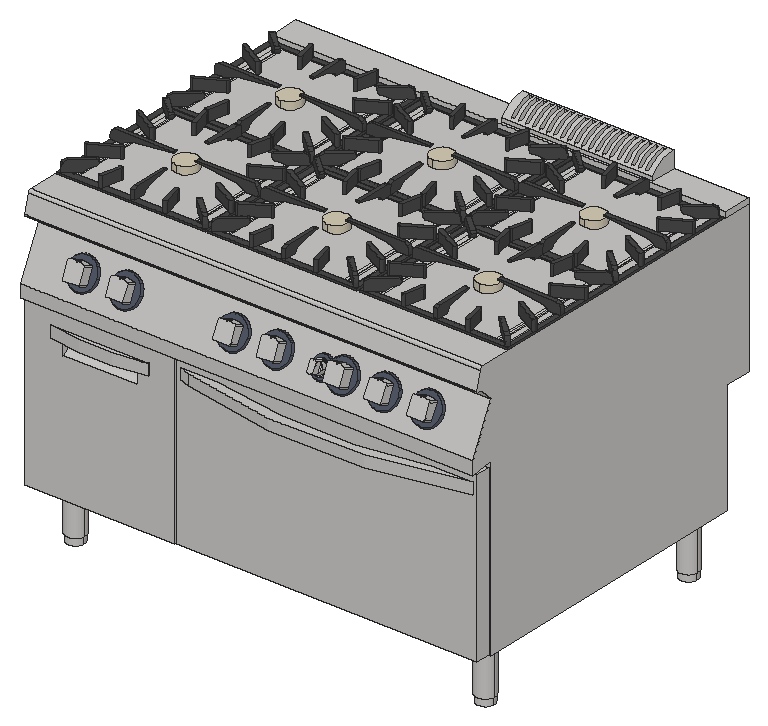
Revit family "QF_ZANUSSI_392013_Z9GCGL6S10", category Specialty Equipment, Revit 2018
Family settings
  Round Connector Dimension = Use Diameter
  Part Type = Normal
  Work Plane-Based = No
  Always vertical = Yes
  Cut with Voids When Loaded = No
  Shared = No
  Room Calculation Point = No
Parameters
  Width = 1200 mm  # constant formula
  Weight in Pounds = 203  # constant formula
  Weight = 0.00 kg
  Watts = 0 W
  Volts = 0 V
  URL Manufacturer = "http://www.zanussiprofessional.com"
  URL Cutsheet = "www.electrolux.com"
  URL = "http://www.zanussiprofessional.com"
  Type Mark [instance] = ""
  Steam Supply Size = 0"
  Steam Supply Minimum Pressure = 0.00 psi
  Steam Supply Maximum Pressure = 0.00 psi
  Steam Pounds per Hour = 0
  Status [instance] = ""
  Specification by User [instance] = ""
  Specification by Manufacturer = ""
  Show Logo [instance] = yes
  Show Clearance [instance] = yes
  Serial Number = ""
  Seismic Rating = ""
  SMACNA No = ""
  Revision Code [instance] = ""
  Refrigeration Suction Line Size = 0"
  Refrigeration Liquid Line Size = 0"
  Refrigerant Compressor Remote = yes
  Phase = 0
  Omniclass Number and Title = ""
  NAFEM Spec ID Number = ""
  Model = "Z9GCGL6S10"
  Mechanical Remarks [instance] = ""
  Mechanical Connection Type [instance] = ""
  Masterspec = ""
  Manufacturer = "Zanussi"
  Length Actual = 1200 mm  # constant formula
  Item Number [instance] = "392013"
  Installed By [instance] = ""
  Identify Quantity as Lot [instance] = yes
  Hot Water Size = 0"
  Height Actual = 850 mm  # constant formula
  Height = 908 mm  # constant formula
  HP = "0 HP"
  Gas Size = 1/2"  # constant formula
  Gas RI Height [instance] = 0 mm
  Gas KW [instance] = 52.5  # constant formula
  Gas Input [instance] = 1.36309 Btu/h
  Gas Connection Height = 0 mm
  Furnished By [instance] = ""
  Foodservice Equipment Identifier [instance] = yes
  Direct Waste Size = 0"
  Description = "6-BURNER GAS RANGE+OVEN+CUPBOARD 1200 MM"
  Depth Actual = 900 mm  # constant formula
  Depth = 915 mm  # constant formula
  Cycle = 0 Hz
  Condensate Return Size = 0"
  Compressed Air Volume = 0 GPM
  Compressed Air Size = 0"
  Compressed Air Pressure = 0.00 psi
  Cold Water Size = 0"
  CSI MasterFormat = ""
  CSI Master Format = ""
  Assembly Code = ""
  Accessory = yes
Reference planes
  plane 1 "BACK": y = 0
  plane 2: z = 0
  plane 3 "LEFT": x = 0
  plane 4 "RIGHT": x = 1200
  plane 5 "FRONT": y = -700
  plane 6 "TOP": z = 908
  plane 7 "Center Y": x = 600
  plane 8 "Center X": y = -350
  plane 9 "Base": z = 150
  plane 10: z = 850
  plane 11: y = -915
  plane 12: y = -1109
  plane 13: y = -128
  plane 14: y = -802
  plane 15: y = -1309
  plane 16: y = -665
  plane 17: x = 177.499
Forms (mm)
  Extrusion 1, solid, material "QF_Finishes_Stainless Steel"
    sketch origin (0, 0, 0) x (0, 1, 0) y (0, 0, 1)
      loop
        line (0, 850) -> (-879.358, 850)
        arc (-879.358, 850) -> (-884.643, 847.811) -> (-886.833, 842.526) r 7.474
        line (-886.833, 842.526) -> (-899.884, 797.011)
        arc (-899.884, 797.011) -> (-899.396, 794.379) -> (-897, 793.184) r 3
        line (-897, 793.184) -> (-886.802, 793.184) -> (-854.982, 761.364) -> (-915, 640.508) -> (-915, 605.508) -> (-858.645, 613.428)
        arc (-858.645, 613.428) -> (-856.101, 612.674) -> (-855, 610.259) r 3.2
        line (-855, 610.259) -> (-855, 150) -> (-71, 150) -> (-71, 450) -> (0, 450) -> (0, 850)
      loop
        line (-900, 600) -> (-900, 155) -> (-860, 155) -> (-860, 600) -> (-900, 600)
    from 0 to 1200
  Extrusion 2, solid, material "QF_Finishes_Stainless Steel"
    sketch origin (0, 0, 0) x (0, -1, 0) y (0, 0, 1)
      loop
        line (0, 850) -> (76.2, 850) -> (76.2, 864.288) -> (0, 864.288) -> (0, 850)
    from 0 to -1200
  Extrusion 3, solid, material "QF_Finishes_Stainless Steel"
    sketch origin (0, -852.222, 150) x (1, 0, 0) y (0, -1, 0)
      loop
        circle (1149, -187.222) r 6.4
    from 0 to 21
  Extrusion 4, solid, material "QF_Clearances", visible <- "Show Clearance", detail levels coarse
    sketch origin (0, -200, 0) x (1, 0, 0) y (0, 1, 0)
      loop
        line (-100, -715) -> (0, -715) -> (0, 200) -> (1200, 200) -> (1200, -715) -> (1300, -715) -> (1300, 300) -> (-100, 300) -> (-100, -715)
    from 0 to 908.85
  Extrusion 5, solid, material "QF_Finishes_Stainless Steel"
    sketch origin (202.4, -200, 590.5) x (0, 1, 0) y (0, 0, 1)
      loop
        line (200, 273.788) -> (200, 317.5)
        arc (200, 317.5) -> (160.928, 308.879) -> (130.15, 283.313) r 84.854
        line (130.15, 283.313) -> (130.15, 273.788) -> (200, 273.788)
    from 400 to 800
  Revolve 6, solid, material "QF_Finishes_Stainless Steel"
    sketch origin (1, -128, 0) x (1, 0, 0) y (0, 0, 1)
      loop
        line (55, 0) -> (55, 150) -> (29.6, 150) -> (29.6, 19.05) -> (32.1, 19.05) -> (32.1, 0) -> (55, 0)
      axis (55, 0) -> (55, 150)
    angle from 0 to 360
  Revolve 7, solid, material "QF_Finishes_Stainless Steel"
    sketch origin (799, -128, 0) x (-1, 0, 0) y (0, 0, -1)
      loop
        line (-345, 0) -> (-367.9, 0) -> (-367.9, -19.05) -> (-370.4, -19.05) -> (-370.4, -150) -> (-345, -150) -> (-345, 0)
      axis (-345, 0) -> (-345, -150)
    angle from 0 to 360
  Revolve 8, solid, material "QF_Finishes_Stainless Steel"
    sketch origin (1, -802, 0) x (1, 0, 0) y (0, 0, 1)
      loop
        line (55, 0) -> (55, 150) -> (29.6, 150) -> (29.6, 19.05) -> (32.1, 19.05) -> (32.1, 0) -> (55, 0)
      axis (55, 0) -> (55, 150)
    angle from 0 to 360
  Revolve 9, solid, material "QF_Finishes_Stainless Steel"
    sketch origin (799, -802, 0) x (-1, 0, 0) y (0, 0, -1)
      loop
        line (-345, 0) -> (-367.9, 0) -> (-367.9, -19.05) -> (-370.4, -19.05) -> (-370.4, -150) -> (-345, -150) -> (-345, 0)
      axis (-345, 0) -> (-345, -150)
    angle from 0 to 360
  Extrusion 10, solid, material "QF_Finishes_Stainless Steel"
    sketch origin (0, -852.222, 150) x (1, 0, 0) y (0, -1, 0)
      loop
        circle (1157, -276.222) r 12.7
    from 0 to 5
  Extrusion 11, void
    sketch origin (-62.611, 0, 865.138) x (-1, 0, 0) y (0, -1, 0)
      loop
        line (-695.005, 6.761) -> (-685.709, 6.761) -> (-685.709, 63.911) -> (-695.005, 63.911) -> (-695.005, 6.761)
      loop
        line (-713.697, 6.761) -> (-704.401, 6.761) -> (-704.401, 63.911) -> (-713.697, 63.911) -> (-713.697, 6.761)
      loop
        line (-732.39, 6.761) -> (-723.094, 6.761) -> (-723.094, 63.911) -> (-732.39, 63.911) -> (-732.39, 6.761)
      loop
        line (-751.082, 6.761) -> (-741.787, 6.761) -> (-741.787, 63.911) -> (-751.082, 63.911) -> (-751.082, 6.761)
      loop
        line (-769.775, 6.761) -> (-760.479, 6.761) -> (-760.479, 63.911) -> (-769.775, 63.911) -> (-769.775, 6.761)
      loop
        line (-788.468, 6.761) -> (-779.172, 6.761) -> (-779.172, 63.911) -> (-788.468, 63.911) -> (-788.468, 6.761)
      loop
        line (-807.16, 6.761) -> (-797.864, 6.761) -> (-797.864, 63.911) -> (-807.16, 63.911) -> (-807.16, 6.761)
      loop
        line (-825.853, 6.761) -> (-816.557, 6.761) -> (-816.557, 63.911) -> (-825.853, 63.911) -> (-825.853, 6.761)
      loop
        line (-844.545, 6.761) -> (-835.25, 6.761) -> (-835.25, 63.911) -> (-844.545, 63.911) -> (-844.545, 6.761)
      loop
        line (-863.238, 6.761) -> (-853.942, 6.761) -> (-853.942, 63.911) -> (-863.238, 63.911) -> (-863.238, 6.761)
      loop
        line (-881.931, 6.761) -> (-872.635, 6.761) -> (-872.635, 63.911) -> (-881.931, 63.911) -> (-881.931, 6.761)
      loop
        line (-900.623, 6.761) -> (-891.328, 6.761) -> (-891.328, 63.911) -> (-900.623, 63.911) -> (-900.623, 6.761)
      loop
        line (-919.316, 6.761) -> (-910.02, 6.761) -> (-910.02, 63.911) -> (-919.316, 63.911) -> (-919.316, 6.761)
      loop
        line (-938.008, 6.761) -> (-928.713, 6.761) -> (-928.713, 63.911) -> (-938.008, 63.911) -> (-938.008, 6.761)
      loop
        line (-956.701, 6.761) -> (-947.405, 6.761) -> (-947.405, 63.911) -> (-956.701, 63.911) -> (-956.701, 6.761)
      loop
        line (-975.394, 6.761) -> (-966.098, 6.761) -> (-966.098, 63.911) -> (-975.394, 63.911) -> (-975.394, 6.761)
      loop
        line (-994.086, 6.761) -> (-984.791, 6.761) -> (-984.791, 63.911) -> (-994.086, 63.911) -> (-994.086, 6.761)
      loop
        line (-1012.779, 6.761) -> (-1003.483, 6.761) -> (-1003.483, 63.911) -> (-1012.779, 63.911) -> (-1012.779, 6.761)
      loop
        line (-1031.472, 6.761) -> (-1022.176, 6.761) -> (-1022.176, 63.911) -> (-1031.472, 63.911) -> (-1031.472, 6.761)
      loop
        line (-1050.164, 6.761) -> (-1040.868, 6.761) -> (-1040.868, 63.911) -> (-1050.164, 63.911) -> (-1050.164, 6.761)
    from 9.525 to 45.348
  Extrusion 12, void
    sketch origin (0, -700, 0) x (1, 0, 0) y (0, 0, 1)
      loop
        line (397.5, 155) -> (402.5, 155) -> (402.5, 600) -> (397.5, 600) -> (397.5, 155)
    from 160 to 200
  Extrusion 13, solid, material "QF_Finishes_Door Clearance", visible <- "Show Clearance", detail levels coarse
    sketch origin (400, -200, 0) x (0, 1, 0) y (0, 0, 1)
      loop
        arc (-700, 600) -> (-991.621, 457.58) -> (-1108.972, 155) r 445
        line (-1108.972, 155) -> (-700, 155) -> (-700, 600)
    from 2.5 to 800
  Extrusion 14, solid, material "QF_Finishes_Stainless Steel"
    sketch origin (400, -200, 150) x (-1, 0, 0) y (0, -1, 0)
      loop
        line (-790, 700) -> (-696.395, 700)
        arc (-696.395, 700) -> (-400, 735) -> (-103.605, 700) r 1272.5
        line (-103.605, 700) -> (-10, 700)
        arc (-10, 700) -> (-27.217, 705.295) -> (-44.506, 710.35) r 1297.5
        arc (-44.506, 710.35) -> (-418.013, 759.875) -> (-790, 700) r 1297.5
    from 400 to 430
  Extrusion 15, solid, material "QF_Finishes_Stainless Steel"
    sketch origin (-77.88, -4772, 130) x (-1, 0, 0) y (0, -1, 0)
      loop
        arc (-147.606, -3871.085) -> (-277.88, -3857) -> (-408.153, -3871.085) r 609.497
        line (-408.153, -3871.085) -> (-408.153, -3872) -> (-147.606, -3872) -> (-147.606, -3871.085)
    from 400 to 430
  Extrusion 16, void
    sketch origin (200, -227.863, -20) x (0, 1, 0) y (0, 0, 1)
      loop
        line (-672.137, 567) -> (-672.137, 517)
        arc (-672.137, 517) -> (-656.47, 524.721) -> (-650.137, 541) r 24.091
        line (-650.137, 541) -> (-650.137, 567) -> (-672.137, 567)
    from -100 to 100
  Extrusion 17, solid, material "QF_Finishes_Door Clearance", visible <- "Show Clearance", detail levels coarse
    sketch origin (400, -200, 850) x (1, 0, 0) y (0, 1, 0)
      loop
        line (-1.277, -672.137) -> (-400, -672.137) -> (-400, -1072.129)
        arc (-400, -1072.129) -> (-117.984, -954.526) -> (-1.277, -672.137) r 399.994
    from -695 to -250
  Blend 18, solid, material "QF_Finishes_Navy Blue"
    base sketch origin (832.5, -884.991, 700.936) x (1, 0, 0) y (0, 0.446333, 0.894867)
      loop
        arc (-35.05, -24.037) -> (42.5, 0) -> (-35.05, 24.037) r 42.5
        arc (-35.05, 24.037) -> (-83, 0) -> (-35.05, -24.037) r 30
    top sketch origin (832.5, -884.991, 700.936) x (1, 0, 0) y (0, 0.446333, 0.894867)
      loop
        arc (-34.578, -21.086) -> (40.5, 0) -> (-34.578, 21.086) r 40.5
        arc (-34.578, 21.086) -> (-81, 0) -> (-34.578, -21.086) r 28
    from 0 to 5
  Extrusion 19, solid, material "QF_Finishes_Stainless Steel"
    sketch origin (600, -884.991, 700.936) x (1, 0, 0) y (0, 0.446333, 0.894867)
      loop
        circle (177.499, -0.341) r 20
    from 5 to 10
  Extrusion 20, void
    sketch origin (832.5, -884.991, 700.936) x (1, 0, 0) y (0, -0.894867, 0.446333)
      loop
        line (-62.999, 24.837) -> (-62.999, 40) -> (-71.893, 40) -> (-71.893, 22) -> (-65.835, 22)
        arc (-65.835, 22) -> (-63.827, 22.828) -> (-62.999, 24.837) r 2.827
      loop
        arc (-47.003, 24.837) -> (-46.175, 22.828) -> (-44.167, 22) r 2.827
        line (-44.167, 22) -> (-38.109, 22) -> (-38.109, 40) -> (-47.003, 40) -> (-47.003, 24.837)
    from -20.019 to 20.019
  Extrusion 21, solid, material "QF_Finishes_Stainless Steel"
    sketch origin (600, -884.991, 700.936) x (1, 0, 0) y (0, 0.446333, 0.894867)
      loop
        arc (211.353, 22.789) -> (210.006, 21.685) -> (209.5, 20.019) r 2.997
        line (209.5, 20.019) -> (209.5, -20.019)
        arc (209.5, -20.019) -> (210.378, -22.138) -> (212.497, -23.016) r 2.997
        line (212.497, -23.016) -> (252.503, -23.016)
        arc (252.503, -23.016) -> (254.622, -22.138) -> (255.5, -20.019) r 2.997
        line (255.5, -20.019) -> (255.5, 20.019)
        arc (255.5, 20.019) -> (254.994, 21.685) -> (253.647, 22.789) r 2.997
        arc (253.647, 22.789) -> (232.5, 26.984) -> (211.353, 22.789) r 55.4
    from 5 to 34
  Blend 22, solid, material "QF_Finishes_Navy Blue"
    base sketch origin (942.5, -884.991, 700.936) x (1, 0, 0) y (0, 0.446333, 0.894867)
      loop
        circle (0, 0) r 42.5
    top sketch origin (942.5, -884.991, 700.936) x (1, 0, 0) y (0, 0.446333, 0.894867)
      loop
        circle (0, 0) r 40.5
    from 0 to 5
  Extrusion 23, solid, material "QF_Finishes_Stainless Steel"
    sketch origin (942.5, -884.991, 700.936) x (1, 0, 0) y (0, 0.446333, 0.894867)
      loop
        arc (-21.147, 22.789) -> (-22.494, 21.685) -> (-23, 20.019) r 2.997
        line (-23, 20.019) -> (-23, -20.019)
        arc (-23, -20.019) -> (-22.122, -22.138) -> (-20.003, -23.016) r 2.997
        line (-20.003, -23.016) -> (20.003, -23.016)
        arc (20.003, -23.016) -> (22.122, -22.138) -> (23, -20.019) r 2.997
        line (23, -20.019) -> (23, 20.019)
        arc (23, 20.019) -> (22.494, 21.685) -> (21.147, 22.789) r 2.997
        arc (21.147, 22.789) -> (0, 26.984) -> (-21.147, 22.789) r 55.4
    from 10 to 34
  Extrusion 24, solid, material "QF_Plastic-Black-Matte"
    sketch origin (1000, -884.991, 700.936) x (0, 0.446333, 0.894867) y (0, -0.894867, 0.446333)
      loop
        line (26.984, 34) -> (26.984, 19) -> (27.984, 19) -> (27.984, 34)
        arc (27.984, 34) -> (27.691, 34.707) -> (26.984, 35) r 1
        line (26.984, 35) -> (23.984, 35) -> (23.984, 34) -> (26.984, 34)
    from -58.5 to -56.5
  Extrusion 25, solid, material "QF_Finishes_Stainless Steel"
    sketch origin (942.5, -884.991, 700.936) x (1, 0, 0) y (0, 0.446333, 0.894867)
      loop
        line (17.5, 17.5) -> (-17.5, 17.5) -> (-17.5, -17.5) -> (17.5, -17.5) -> (17.5, 17.5)
    from 5 to 10
  Extrusion 26, solid, material "QF_Plastic-Black-Matte"
    sketch origin (1000, -884.991, 700.936) x (0, 0.446333, 0.894867) y (0, 0.894867, -0.446333)
      loop
        line (26.984, -34) -> (23.984, -34) -> (23.984, -35) -> (26.984, -35)
        arc (26.984, -35) -> (27.691, -34.707) -> (27.984, -34) r 1
        line (27.984, -34) -> (27.984, -19) -> (26.984, -19) -> (26.984, -34)
    from -58.5 to -56.5
  Extrusion 27, solid, material "QF_Finishes_Stainless Steel"
    sketch origin (1057.5, -884.991, 700.936) x (-1, 0, 0) y (0, -0.446333, -0.894867)
      loop
        line (17.5, -17.5) -> (17.5, 17.5) -> (-17.5, 17.5) -> (-17.5, -17.5) -> (17.5, -17.5)
    from 5 to 10
  Blend 28, solid, material "QF_Finishes_Navy Blue"
    base sketch origin (1057.5, -884.991, 700.936) x (1, 0, 0) y (0, 0.446333, 0.894867)
      loop
        circle (0, 0) r 42.5
    top sketch origin (1057.5, -884.991, 700.936) x (1, 0, 0) y (0, 0.446333, 0.894867)
      loop
        circle (0, 0) r 40.5
    from 0 to 5
  Extrusion 29, solid, material "QF_Finishes_Stainless Steel"
    sketch origin (1057.5, -884.991, 700.936) x (-1, 0, 0) y (0, -0.446333, -0.894867)
      loop
        arc (-21.147, -22.789) -> (0, -26.984) -> (21.147, -22.789) r 55.4
        arc (21.147, -22.789) -> (22.494, -21.685) -> (23, -20.019) r 2.997
        line (23, -20.019) -> (23, 20.019)
        arc (23, 20.019) -> (22.122, 22.138) -> (20.003, 23.016) r 2.997
        line (20.003, 23.016) -> (-20.003, 23.016)
        arc (-20.003, 23.016) -> (-22.122, 22.138) -> (-23, 20.019) r 2.997
        line (-23, 20.019) -> (-23, -20.019)
        arc (-23, -20.019) -> (-22.494, -21.685) -> (-21.147, -22.789) r 2.997
    from 10 to 34
  Extrusion 30, solid, material "QF_Finishes_Stainless Steel"
    sketch origin (600, -884.991, 700.936) x (1, 0, 0) y (0, 0.446333, 0.894867)
      loop
        circle (177.499, -0.341) r 16
    from 10 to 40
  Extrusion 31, solid, material "QF_Plastic-Black-Matte"
    sketch origin (890, -884.991, 700.936) x (0, 0.446333, 0.894867) y (0, -0.894867, 0.446333)
      loop
        line (26.984, 34) -> (26.984, 19) -> (27.984, 19) -> (27.984, 34)
        arc (27.984, 34) -> (27.691, 34.707) -> (26.984, 35) r 1
        line (26.984, 35) -> (23.984, 35) -> (23.984, 34) -> (26.984, 34)
    from -58.5 to -56.5
  Blend 32, solid, material "QF_Finishes_Navy Blue"
    base sketch origin (142.5, -884.991, 700.936) x (1, 0, 0) y (0, 0.446333, 0.894867)
      loop
        circle (0, 0) r 42.5
    top sketch origin (142.5, -884.991, 700.936) x (1, 0, 0) y (0, 0.446333, 0.894867)
      loop
        circle (0, 0) r 40.5
    from 0 to 5
  Extrusion 33, solid, material "QF_Finishes_Stainless Steel"
    sketch origin (142.5, -884.991, 700.936) x (1, 0, 0) y (0, 0.446333, 0.894867)
      loop
        arc (-21.147, 22.789) -> (-22.494, 21.685) -> (-23, 20.019) r 2.997
        line (-23, 20.019) -> (-23, -20.019)
        arc (-23, -20.019) -> (-22.122, -22.138) -> (-20.003, -23.016) r 2.997
        line (-20.003, -23.016) -> (20.003, -23.016)
        arc (20.003, -23.016) -> (22.122, -22.138) -> (23, -20.019) r 2.997
        line (23, -20.019) -> (23, 20.019)
        arc (23, 20.019) -> (22.494, 21.685) -> (21.147, 22.789) r 2.997
        arc (21.147, 22.789) -> (0, 26.984) -> (-21.147, 22.789) r 55.4
    from 10 to 34
  Extrusion 34, solid, material "QF_Plastic-Black-Matte"
    sketch origin (200, -884.991, 700.936) x (0, 0.446333, 0.894867) y (0, -0.894867, 0.446333)
      loop
        line (26.984, 34) -> (26.984, 19) -> (27.984, 19) -> (27.984, 34)
        arc (27.984, 34) -> (27.691, 34.707) -> (26.984, 35) r 1
        line (26.984, 35) -> (23.984, 35) -> (23.984, 34) -> (26.984, 34)
    from -58.5 to -56.5
  Extrusion 35, solid, material "QF_Finishes_Stainless Steel"
    sketch origin (142.5, -884.991, 700.936) x (1, 0, 0) y (0, 0.446333, 0.894867)
      loop
        line (17.5, 17.5) -> (-17.5, 17.5) -> (-17.5, -17.5) -> (17.5, -17.5) -> (17.5, 17.5)
    from 5 to 10
  Extrusion 36, solid, material "QF_Plastic-Black-Matte"
    sketch origin (200, -884.991, 700.936) x (0, 0.446333, 0.894867) y (0, 0.894867, -0.446333)
      loop
        line (26.984, -34) -> (23.984, -34) -> (23.984, -35) -> (26.984, -35)
        arc (26.984, -35) -> (27.691, -34.707) -> (27.984, -34) r 1
        line (27.984, -34) -> (27.984, -19) -> (26.984, -19) -> (26.984, -34)
    from -58.5 to -56.5
  Extrusion 37, solid, material "QF_Finishes_Stainless Steel"
    sketch origin (257.5, -884.991, 700.936) x (-1, 0, 0) y (0, -0.446333, -0.894867)
      loop
        line (17.5, -17.5) -> (17.5, 17.5) -> (-17.5, 17.5) -> (-17.5, -17.5) -> (17.5, -17.5)
    from 5 to 10
  Blend 38, solid, material "QF_Finishes_Navy Blue"
    base sketch origin (257.5, -884.991, 700.936) x (1, 0, 0) y (0, 0.446333, 0.894867)
      loop
        circle (0, 0) r 42.5
    top sketch origin (257.5, -884.991, 700.936) x (1, 0, 0) y (0, 0.446333, 0.894867)
      loop
        circle (0, 0) r 40.5
    from 0 to 5
  Extrusion 39, solid, material "QF_Finishes_Stainless Steel"
    sketch origin (257.5, -884.991, 700.936) x (-1, 0, 0) y (0, -0.446333, -0.894867)
      loop
        arc (-21.147, -22.789) -> (0, -26.984) -> (21.147, -22.789) r 55.4
        arc (21.147, -22.789) -> (22.494, -21.685) -> (23, -20.019) r 2.997
        line (23, -20.019) -> (23, 20.019)
        arc (23, 20.019) -> (22.122, 22.138) -> (20.003, 23.016) r 2.997
        line (20.003, 23.016) -> (-20.003, 23.016)
        arc (-20.003, 23.016) -> (-22.122, 22.138) -> (-23, 20.019) r 2.997
        line (-23, 20.019) -> (-23, -20.019)
        arc (-23, -20.019) -> (-22.494, -21.685) -> (-21.147, -22.789) r 2.997
    from 10 to 34
  Blend 40, solid, material "QF_Finishes_Navy Blue"
    base sketch origin (542.5, -884.991, 700.936) x (1, 0, 0) y (0, 0.446333, 0.894867)
      loop
        circle (0, 0) r 42.5
    top sketch origin (542.5, -884.991, 700.936) x (1, 0, 0) y (0, 0.446333, 0.894867)
      loop
        circle (0, 0) r 40.5
    from 0 to 5
  Extrusion 41, solid, material "QF_Finishes_Stainless Steel"
    sketch origin (542.5, -884.991, 700.936) x (1, 0, 0) y (0, 0.446333, 0.894867)
      loop
        arc (-21.147, 22.789) -> (-22.494, 21.685) -> (-23, 20.019) r 2.997
        line (-23, 20.019) -> (-23, -20.019)
        arc (-23, -20.019) -> (-22.122, -22.138) -> (-20.003, -23.016) r 2.997
        line (-20.003, -23.016) -> (20.003, -23.016)
        arc (20.003, -23.016) -> (22.122, -22.138) -> (23, -20.019) r 2.997
        line (23, -20.019) -> (23, 20.019)
        arc (23, 20.019) -> (22.494, 21.685) -> (21.147, 22.789) r 2.997
        arc (21.147, 22.789) -> (0, 26.984) -> (-21.147, 22.789) r 55.4
    from 10 to 34
  Extrusion 42, solid, material "QF_Plastic-Black-Matte"
    sketch origin (600, -884.991, 700.936) x (0, 0.446333, 0.894867) y (0, -0.894867, 0.446333)
      loop
        line (26.984, 34) -> (26.984, 19) -> (27.984, 19) -> (27.984, 34)
        arc (27.984, 34) -> (27.691, 34.707) -> (26.984, 35) r 1
        line (26.984, 35) -> (23.984, 35) -> (23.984, 34) -> (26.984, 34)
    from -58.5 to -56.5
  Extrusion 43, solid, material "QF_Finishes_Stainless Steel"
    sketch origin (542.5, -884.991, 700.936) x (1, 0, 0) y (0, 0.446333, 0.894867)
      loop
        line (17.5, 17.5) -> (-17.5, 17.5) -> (-17.5, -17.5) -> (17.5, -17.5) -> (17.5, 17.5)
    from 5 to 10
  Extrusion 44, solid, material "QF_Plastic-Black-Matte"
    sketch origin (600, -884.991, 700.936) x (0, 0.446333, 0.894867) y (0, 0.894867, -0.446333)
      loop
        line (26.984, -34) -> (23.984, -34) -> (23.984, -35) -> (26.984, -35)
        arc (26.984, -35) -> (27.691, -34.707) -> (27.984, -34) r 1
        line (27.984, -34) -> (27.984, -19) -> (26.984, -19) -> (26.984, -34)
    from -58.5 to -56.5
  Extrusion 45, solid, material "QF_Finishes_Stainless Steel"
    sketch origin (657.5, -884.991, 700.936) x (-1, 0, 0) y (0, -0.446333, -0.894867)
      loop
        line (17.5, -17.5) -> (17.5, 17.5) -> (-17.5, 17.5) -> (-17.5, -17.5) -> (17.5, -17.5)
    from 5 to 10
  Blend 46, solid, material "QF_Finishes_Navy Blue"
    base sketch origin (657.5, -884.991, 700.936) x (1, 0, 0) y (0, 0.446333, 0.894867)
      loop
        circle (0, 0) r 42.5
    top sketch origin (657.5, -884.991, 700.936) x (1, 0, 0) y (0, 0.446333, 0.894867)
      loop
        circle (0, 0) r 40.5
    from 0 to 5
  Extrusion 47, solid, material "QF_Finishes_Stainless Steel"
    sketch origin (657.5, -884.991, 700.936) x (-1, 0, 0) y (0, -0.446333, -0.894867)
      loop
        arc (-21.147, -22.789) -> (0, -26.984) -> (21.147, -22.789) r 55.4
        arc (21.147, -22.789) -> (22.494, -21.685) -> (23, -20.019) r 2.997
        line (23, -20.019) -> (23, 20.019)
        arc (23, 20.019) -> (22.122, 22.138) -> (20.003, 23.016) r 2.997
        line (20.003, 23.016) -> (-20.003, 23.016)
        arc (-20.003, 23.016) -> (-22.122, 22.138) -> (-23, 20.019) r 2.997
        line (-23, 20.019) -> (-23, -20.019)
        arc (-23, -20.019) -> (-22.494, -21.685) -> (-21.147, -22.789) r 2.997
    from 10 to 34
Cuts and joins
  Extrusion 11 cuts Extrusion 5
  Extrusion 12, Extrusion 16 cuts Extrusion 1
  Extrusion 20 cuts Extrusion 30
Lines and regions (mm)
  Split face 1
    outline origin (832.5, -889.465, 703.168) x (1, 0, 0) y (0, 0.446333, 0.894867)
      loop
        circle (0, 33) r 1
  Split face 2
    outline origin (832.5, -889.465, 703.168) x (1, 0, 0) y (0, 0.446333, 0.894867)
      loop
        circle (-8.541, 31.876) r 1
  Split face 3
    outline origin (832.5, -889.465, 703.168) x (1, 0, 0) y (0, 0.446333, 0.894867)
      loop
        circle (-16.5, 28.579) r 1
  Split face 4
    outline origin (832.5, -889.465, 703.168) x (1, 0, 0) y (0, 0.446333, 0.894867)
      loop
        circle (-23.335, 23.335) r 1
  Split face 5
    outline origin (832.5, -889.465, 703.168) x (1, 0, 0) y (0, 0.446333, 0.894867)
      loop
        circle (-28.579, 16.5) r 1
  Split face 6
    outline origin (832.5, -889.465, 703.168) x (1, 0, 0) y (0, 0.446333, 0.894867)
      loop
        circle (-31.876, 8.541) r 1
  Split face 7
    outline origin (832.5, -889.465, 703.168) x (1, 0, 0) y (0, 0.446333, 0.894867)
      loop
        circle (-33, 0) r 1
  Split face 8
    outline origin (832.5, -889.465, 703.168) x (-1, 0, 0) y (0, 0.446333, 0.894867)
      loop
        circle (-8.541, 31.876) r 1
  Split face 9
    outline origin (832.5, -889.465, 703.168) x (-1, 0, 0) y (0, 0.446333, 0.894867)
      loop
        circle (-16.5, 28.579) r 1
  Split face 10
    outline origin (832.5, -889.465, 703.168) x (-1, 0, 0) y (0, 0.446333, 0.894867)
      loop
        circle (-23.335, 23.335) r 1
  Split face 11
    outline origin (832.5, -889.465, 703.168) x (-1, 0, 0) y (0, 0.446333, 0.894867)
      loop
        circle (-28.579, 16.5) r 1
  Split face 12
    outline origin (832.5, -889.465, 703.168) x (-1, 0, 0) y (0, 0.446333, 0.894867)
      loop
        circle (-31.876, 8.541) r 1
  Split face 13
    outline origin (832.5, -889.465, 703.168) x (1, 0, 0) y (0, -0.446333, -0.894867)
      loop
        circle (0, 33) r 1
  Split face 14
    outline origin (832.5, -889.465, 703.168) x (1, 0, 0) y (0, -0.446333, -0.894867)
      loop
        circle (-8.541, 31.876) r 1
  Split face 15
    outline origin (832.5, -889.465, 703.168) x (1, 0, 0) y (0, -0.446333, -0.894867)
      loop
        circle (-16.5, 28.579) r 1
  Split face 16
    outline origin (832.5, -889.465, 703.168) x (1, 0, 0) y (0, -0.446333, -0.894867)
      loop
        circle (-23.335, 23.335) r 1
  Split face 17
    outline origin (832.5, -889.465, 703.168) x (1, 0, 0) y (0, -0.446333, -0.894867)
      loop
        circle (-28.579, 16.5) r 1
  Split face 18
    outline origin (832.5, -889.465, 703.168) x (1, 0, 0) y (0, -0.446333, -0.894867)
      loop
        circle (-31.876, 8.541) r 1
  Split face 19
    outline origin (832.5, -889.465, 703.168) x (-1, 0, 0) y (0, -0.446333, -0.894867)
      loop
        circle (-8.541, 31.876) r 1
  Split face 20
    outline origin (832.5, -889.465, 703.168) x (-1, 0, 0) y (0, -0.446333, -0.894867)
      loop
        circle (-16.5, 28.579) r 1
  Split face 21
    outline origin (832.5, -889.465, 703.168) x (-1, 0, 0) y (0, -0.446333, -0.894867)
      loop
        circle (-23.335, 23.335) r 1
  Split face 22
    outline origin (832.5, -889.465, 703.168) x (-1, 0, 0) y (0, -0.446333, -0.894867)
      loop
        circle (-28.579, 16.5) r 1
  Split face 23
    outline origin (832.5, -889.465, 703.168) x (-1, 0, 0) y (0, -0.446333, -0.894867)
      loop
        circle (-31.876, 8.541) r 1
  Split face 24
    outline origin (832.5, -889.465, 703.168) x (1, 0, 0) y (0, 0.446333, 0.894867)
      loop
        circle (33, 0) r 1
  Split face 25
    outline origin (832.5, -889.465, 703.168) x (1, 0, 0) y (0, 0.446333, 0.894867)
      loop
        circle (-55.001, 22) r 1.508
  Split face 26
    outline origin (832.5, -889.465, 703.168) x (1, 0, 0) y (0, 0.446333, 0.894867)
      loop
        circle (-77.001, 0) r 1.343
  Split face 27
    outline origin (832.5, -889.465, 703.168) x (1, 0, 0) y (0, 0.446333, 0.894867)
      loop
        line (-56.273, -20.786) -> (-56.273, -25.164) -> (-53.729, -25.164) -> (-53.729, -20.786) -> (-56.273, -20.786)
  Split face 28
    outline origin (942.5, -889.465, 703.168) x (1, 0, 0) y (0, 0.446333, 0.894867)
      loop
        circle (-33, 0) r 3
  Split face 29
    outline origin (1063.401, -889.465, 703.168) x (1, 0, 0) y (0, 0.446333, 0.894867)
      loop
        line (-8.901, 38.561) -> (-8.901, 28.561) -> (-2.901, 28.561) -> (-2.901, 38.561) -> (-8.901, 38.561)
  Split face 30
    outline origin (1063.401, -889.465, 703.168) x (1, 0, 0) y (0, 0.446333, 0.894867)
      loop
        line (-8.401, 38.061) -> (-8.401, 29.061) -> (-3.401, 29.061) -> (-3.401, 38.061) -> (-8.401, 38.061)
  Split face 31
    outline origin (1063.401, -889.465, 703.168) x (1, 0, 0) y (0, 0.446333, 0.894867)
      loop
        line (-8.401, 33.561) -> (-3.401, 33.561)
  Split face 32
    outline origin (1063.401, -889.465, 703.168) x (1, 0, 0) y (0, 0.446333, 0.894867)
      loop
        line (-8.401, 33.061) -> (-3.401, 33.061)
  Split face 33
    outline origin (948.401, -889.465, 703.168) x (1, 0, 0) y (0, 0.446333, 0.894867)
      loop
        line (-8.901, 38.561) -> (-8.901, 28.561) -> (-2.901, 28.561) -> (-2.901, 38.561) -> (-8.901, 38.561)
  Split face 34
    outline origin (948.401, -889.465, 703.168) x (1, 0, 0) y (0, 0.446333, 0.894867)
      loop
        line (-8.401, 38.061) -> (-8.401, 29.061) -> (-3.401, 29.061) -> (-3.401, 38.061) -> (-8.401, 38.061)
  Split face 35
    outline origin (948.401, -889.465, 703.168) x (1, 0, 0) y (0, 0.446333, 0.894867)
      loop
        line (-8.401, 34.061) -> (-3.401, 34.061)
  Split face 36
    outline origin (948.401, -889.465, 703.168) x (1, 0, 0) y (0, 0.446333, 0.894867)
      loop
        line (-8.401, 33.561) -> (-3.401, 33.561)
  Split face 37
    outline origin (968.157, -875.106, 731.958) x (-1, 0, 0) y (0, -0.446333, -0.894867)
      loop
        circle (43.456, 61.543) r 1.5
  Split face 38
    outline origin (948.401, -889.465, 703.168) x (1, 0, 0) y (0, 0.446333, 0.894867)
      loop
        circle (-5.901, 31.311) r 2.029
  Split face 39
    outline origin (1063.401, -889.465, 703.168) x (1, 0, 0) y (0, 0.446333, 0.894867)
      loop
        circle (-5.901, 35.811) r 2.031
  Split face 40
    outline origin (942.5, -889.465, 703.168) x (1, 0, 0) y (0, 0.446333, 0.894867)
      loop
        circle (-24.487, 26.694) r 3.497
  Split face 41
    outline origin (1057.5, -889.465, 703.168) x (1, 0, 0) y (0, 0.446333, 0.894867)
      loop
        circle (-24.487, 26.694) r 3.497
  Split face 42
    outline origin (1057.5, -889.465, 703.168) x (1, 0, 0) y (0, 0.446333, 0.894867)
      loop
        circle (-33, 0) r 3
  Split face 43
    outline origin (1057.5, -889.465, 703.168) x (1, 0, 0) y (0, 0.446333, 0.894867)
      loop
        circle (-17.8, -29.371) r 1.5
  Split face 44
    outline origin (142.5, -889.465, 703.168) x (1, 0, 0) y (0, 0.446333, 0.894867)
      loop
        circle (-33, 0) r 3
  Split face 45
    outline origin (263.401, -889.465, 703.168) x (1, 0, 0) y (0, 0.446333, 0.894867)
      loop
        line (-8.901, 38.561) -> (-8.901, 28.561) -> (-2.901, 28.561) -> (-2.901, 38.561) -> (-8.901, 38.561)
  Split face 46
    outline origin (263.401, -889.465, 703.168) x (1, 0, 0) y (0, 0.446333, 0.894867)
      loop
        line (-8.401, 38.061) -> (-8.401, 29.061) -> (-3.401, 29.061) -> (-3.401, 38.061) -> (-8.401, 38.061)
  Split face 47
    outline origin (263.401, -889.465, 703.168) x (1, 0, 0) y (0, 0.446333, 0.894867)
      loop
        line (-8.401, 33.561) -> (-3.401, 33.561)
  Split face 48
    outline origin (263.401, -889.465, 703.168) x (1, 0, 0) y (0, 0.446333, 0.894867)
      loop
        line (-8.401, 33.061) -> (-3.401, 33.061)
  Split face 49
    outline origin (148.401, -889.465, 703.168) x (1, 0, 0) y (0, 0.446333, 0.894867)
      loop
        line (-8.901, 38.561) -> (-8.901, 28.561) -> (-2.901, 28.561) -> (-2.901, 38.561) -> (-8.901, 38.561)
  Split face 50
    outline origin (148.401, -889.465, 703.168) x (1, 0, 0) y (0, 0.446333, 0.894867)
      loop
        line (-8.401, 38.061) -> (-8.401, 29.061) -> (-3.401, 29.061) -> (-3.401, 38.061) -> (-8.401, 38.061)
  Split face 51
    outline origin (148.401, -889.465, 703.168) x (1, 0, 0) y (0, 0.446333, 0.894867)
      loop
        line (-8.401, 34.061) -> (-3.401, 34.061)
  Split face 52
    outline origin (148.401, -889.465, 703.168) x (1, 0, 0) y (0, 0.446333, 0.894867)
      loop
        line (-8.401, 33.561) -> (-3.401, 33.561)
  Split face 53
    outline origin (168.157, -875.106, 731.958) x (-1, 0, 0) y (0, -0.446333, -0.894867)
      loop
        circle (43.456, 61.543) r 1.5
  Split face 54
    outline origin (148.401, -889.465, 703.168) x (1, 0, 0) y (0, 0.446333, 0.894867)
      loop
        circle (-5.901, 31.311) r 2.029
  Split face 55
    outline origin (263.401, -889.465, 703.168) x (1, 0, 0) y (0, 0.446333, 0.894867)
      loop
        circle (-5.901, 35.811) r 2.031
  Split face 56
    outline origin (142.5, -889.465, 703.168) x (1, 0, 0) y (0, 0.446333, 0.894867)
      loop
        circle (-24.487, 26.694) r 3.497
  Split face 57
    outline origin (257.5, -889.465, 703.168) x (1, 0, 0) y (0, 0.446333, 0.894867)
      loop
        circle (-24.487, 26.694) r 3.497
  Split face 58
    outline origin (257.5, -889.465, 703.168) x (1, 0, 0) y (0, 0.446333, 0.894867)
      loop
        circle (-33, 0) r 3
  Split face 59
    outline origin (257.5, -889.465, 703.168) x (1, 0, 0) y (0, 0.446333, 0.894867)
      loop
        circle (-17.8, -29.371) r 1.5
  Split face 60
    outline origin (542.5, -889.465, 703.168) x (1, 0, 0) y (0, 0.446333, 0.894867)
      loop
        circle (-33, 0) r 3
  Split face 61
    outline origin (663.401, -889.465, 703.168) x (1, 0, 0) y (0, 0.446333, 0.894867)
      loop
        line (-8.901, 38.561) -> (-8.901, 28.561) -> (-2.901, 28.561) -> (-2.901, 38.561) -> (-8.901, 38.561)
  Split face 62
    outline origin (663.401, -889.465, 703.168) x (1, 0, 0) y (0, 0.446333, 0.894867)
      loop
        line (-8.401, 38.061) -> (-8.401, 29.061) -> (-3.401, 29.061) -> (-3.401, 38.061) -> (-8.401, 38.061)
  Split face 63
    outline origin (663.401, -889.465, 703.168) x (1, 0, 0) y (0, 0.446333, 0.894867)
      loop
        line (-8.401, 33.561) -> (-3.401, 33.561)
  Split face 64
    outline origin (663.401, -889.465, 703.168) x (1, 0, 0) y (0, 0.446333, 0.894867)
      loop
        line (-8.401, 33.061) -> (-3.401, 33.061)
  Split face 65
    outline origin (548.401, -889.465, 703.168) x (1, 0, 0) y (0, 0.446333, 0.894867)
      loop
        line (-8.901, 38.561) -> (-8.901, 28.561) -> (-2.901, 28.561) -> (-2.901, 38.561) -> (-8.901, 38.561)
  Split face 66
    outline origin (548.401, -889.465, 703.168) x (1, 0, 0) y (0, 0.446333, 0.894867)
      loop
        line (-8.401, 38.061) -> (-8.401, 29.061) -> (-3.401, 29.061) -> (-3.401, 38.061) -> (-8.401, 38.061)
  Split face 67
    outline origin (548.401, -889.465, 703.168) x (1, 0, 0) y (0, 0.446333, 0.894867)
      loop
        line (-8.401, 34.061) -> (-3.401, 34.061)
  Split face 68
    outline origin (548.401, -889.465, 703.168) x (1, 0, 0) y (0, 0.446333, 0.894867)
      loop
        line (-8.401, 33.561) -> (-3.401, 33.561)
  Split face 69
    outline origin (568.157, -875.106, 731.958) x (-1, 0, 0) y (0, -0.446333, -0.894867)
      loop
        circle (43.456, 61.543) r 1.5
  Split face 70
    outline origin (548.401, -889.465, 703.168) x (1, 0, 0) y (0, 0.446333, 0.894867)
      loop
        circle (-5.901, 31.311) r 2.029
  Split face 71
    outline origin (663.401, -889.465, 703.168) x (1, 0, 0) y (0, 0.446333, 0.894867)
      loop
        circle (-5.901, 35.811) r 2.031
  Split face 72
    outline origin (542.5, -889.465, 703.168) x (1, 0, 0) y (0, 0.446333, 0.894867)
      loop
        circle (-24.487, 26.694) r 3.497
  Split face 73
    outline origin (657.5, -889.465, 703.168) x (1, 0, 0) y (0, 0.446333, 0.894867)
      loop
        circle (-24.487, 26.694) r 3.497
  Split face 74
    outline origin (657.5, -889.465, 703.168) x (1, 0, 0) y (0, 0.446333, 0.894867)
      loop
        circle (-33, 0) r 3
  Split face 75
    outline origin (657.5, -889.465, 703.168) x (1, 0, 0) y (0, 0.446333, 0.894867)
      loop
        circle (-17.8, -29.371) r 1.5
  symbolic lines, style "QF_Door-Drawer Clearances"
    curve 1: line (0, -915, 150) -> (0, -1272.129, 150)
    curve 2: line (402.5, -1309, 150) -> (1200, -1309, 150)
    curve 3: line (1200, -1309, 150) -> (1200, -915, 150)
    curve 184: line (402.5, -915, 150) -> (402.5, -1309, 150)
    curve 185: arc (0, -1272.129, 0) -> (266.456, -1169.32, 0) -> (396.42, -915, 0) r 399.994
  symbolic lines
    curve 4: line (0, 0, 150) -> (0, -915, 150)
    curve 5: line (1200, -915, 150) -> (1200, 0, 150)
    curve 6: line (0, 0, 150) -> (1200, 0, 150)
    curve 10: line (632.394, -6.761, 150) -> (632.394, -63.911, 150)
    curve 11: line (632.394, -63.911, 150) -> (623.098, -63.911, 150)
    curve 12: line (623.098, -63.911, 150) -> (623.098, -6.761, 150)
    curve 13: line (623.098, -6.761, 150) -> (632.394, -6.761, 150)
    curve 14: line (838.012, -6.761, 150) -> (838.012, -63.911, 150)
    curve 15: line (838.012, -63.911, 150) -> (828.717, -63.911, 150)
    curve 16: line (828.717, -63.911, 150) -> (828.717, -6.761, 150)
    curve 17: line (828.717, -6.761, 150) -> (838.012, -6.761, 150)
    curve 18: line (819.32, -6.761, 150) -> (819.32, -63.911, 150)
    curve 19: line (819.32, -63.911, 150) -> (810.024, -63.911, 150)
    curve 20: line (810.024, -63.911, 150) -> (810.024, -6.761, 150)
    curve 21: line (810.024, -6.761, 150) -> (819.32, -6.761, 150)
    curve 22: line (800.627, -6.761, 150) -> (800.627, -63.911, 150)
    curve 23: line (800.627, -63.911, 150) -> (791.331, -63.911, 150)
    curve 24: line (791.331, -63.911, 150) -> (791.331, -6.761, 150)
    curve 25: line (791.331, -6.761, 150) -> (800.627, -6.761, 150)
    curve 26: line (781.934, -6.761, 150) -> (781.934, -63.911, 150)
    curve 27: line (781.934, -63.911, 150) -> (772.639, -63.911, 150)
    curve 28: line (772.639, -63.911, 150) -> (772.639, -6.761, 150)
    curve 29: line (772.639, -6.761, 150) -> (781.934, -6.761, 150)
    curve 30: line (763.242, -6.761, 150) -> (763.242, -63.911, 150)
    curve 31: line (763.242, -63.911, 150) -> (753.946, -63.911, 150)
    curve 32: line (753.946, -63.911, 150) -> (753.946, -6.761, 150)
    curve 33: line (753.946, -6.761, 150) -> (763.242, -6.761, 150)
    curve 34: line (744.549, -6.761, 150) -> (744.549, -63.911, 150)
    curve 35: line (744.549, -63.911, 150) -> (735.253, -63.911, 150)
    curve 36: line (735.253, -63.911, 150) -> (735.253, -6.761, 150)
    curve 37: line (735.253, -6.761, 150) -> (744.549, -6.761, 150)
    curve 38: line (725.857, -6.761, 150) -> (725.857, -63.911, 150)
    curve 39: line (725.857, -63.911, 150) -> (716.561, -63.911, 150)
    curve 40: line (716.561, -63.911, 150) -> (716.561, -6.761, 150)
    curve 41: line (716.561, -6.761, 150) -> (725.857, -6.761, 150)
    curve 42: line (707.164, -6.761, 150) -> (707.164, -63.911, 150)
    curve 43: line (707.164, -63.911, 150) -> (697.868, -63.911, 150)
    curve 44: line (697.868, -63.911, 150) -> (697.868, -6.761, 150)
    curve 45: line (697.868, -6.761, 150) -> (707.164, -6.761, 150)
    curve 46: line (688.471, -6.761, 150) -> (688.471, -63.911, 150)
    curve 47: line (688.471, -63.911, 150) -> (679.176, -63.911, 150)
    curve 48: line (679.176, -63.911, 150) -> (679.176, -6.761, 150)
    curve 49: line (679.176, -6.761, 150) -> (688.471, -6.761, 150)
    curve 50: line (669.779, -6.761, 150) -> (669.779, -63.911, 150)
    curve 51: line (669.779, -63.911, 150) -> (660.483, -63.911, 150)
    curve 52: line (660.483, -63.911, 150) -> (660.483, -6.761, 150)
    curve 53: line (660.483, -6.761, 150) -> (669.779, -6.761, 150)
    curve 54: line (651.086, -6.761, 150) -> (651.086, -63.911, 150)
    curve 55: line (651.086, -63.911, 150) -> (641.79, -63.911, 150)
    curve 56: line (641.79, -63.911, 150) -> (641.79, -6.761, 150)
    curve 57: line (641.79, -6.761, 150) -> (651.086, -6.761, 150)
    curve 58: line (987.553, -6.761, 150) -> (987.553, -63.911, 150)
    curve 59: line (987.553, -63.911, 150) -> (978.257, -63.911, 150)
    curve 60: line (978.257, -63.911, 150) -> (978.257, -6.761, 150)
    curve 61: line (978.257, -6.761, 150) -> (987.553, -6.761, 150)
    curve 62: line (968.861, -6.761, 150) -> (968.861, -63.911, 150)
    curve 63: line (968.861, -63.911, 150) -> (959.565, -63.911, 150)
    curve 64: line (959.565, -63.911, 150) -> (959.565, -6.761, 150)
    curve 65: line (959.565, -6.761, 150) -> (968.861, -6.761, 150)
    curve 66: line (950.168, -6.761, 150) -> (950.168, -63.911, 150)
    curve 67: line (950.168, -63.911, 150) -> (940.872, -63.911, 150)
    curve 68: line (940.872, -63.911, 150) -> (940.872, -6.761, 150)
    curve 69: line (940.872, -6.761, 150) -> (950.168, -6.761, 150)
    curve 70: line (931.475, -6.761, 150) -> (931.475, -63.911, 150)
    curve 71: line (931.475, -63.911, 150) -> (922.18, -63.911, 150)
    curve 72: line (922.18, -63.911, 150) -> (922.18, -6.761, 150)
    curve 73: line (922.18, -6.761, 150) -> (931.475, -6.761, 150)
    curve 74: line (912.783, -6.761, 150) -> (912.783, -63.911, 150)
    curve 75: line (912.783, -63.911, 150) -> (903.487, -63.911, 150)
    curve 76: line (903.487, -63.911, 150) -> (903.487, -6.761, 150)
    curve 77: line (903.487, -6.761, 150) -> (912.783, -6.761, 150)
    curve 78: line (894.09, -6.761, 150) -> (894.09, -63.911, 150)
    curve 79: line (894.09, -63.911, 150) -> (884.794, -63.911, 150)
    curve 80: line (884.794, -63.911, 150) -> (884.794, -6.761, 150)
    curve 81: line (884.794, -6.761, 150) -> (894.09, -6.761, 150)
    curve 82: line (875.397, -6.761, 150) -> (875.397, -63.911, 150)
    curve 83: line (875.397, -63.911, 150) -> (866.102, -63.911, 150)
    curve 84: line (866.102, -63.911, 150) -> (866.102, -6.761, 150)
    curve 85: line (866.102, -6.761, 150) -> (875.397, -6.761, 150)
    curve 86: line (856.705, -6.761, 150) -> (856.705, -63.911, 150)
    curve 87: line (856.705, -63.911, 150) -> (847.409, -63.911, 150)
    curve 88: line (847.409, -63.911, 150) -> (847.409, -6.761, 150)
    curve 89: line (847.409, -6.761, 150) -> (856.705, -6.761, 150)
    curve 90: line (1002.4, -69.85, 150) -> (1002.4, 0, 150)
    curve 91: line (602.4, -69.85, 150) -> (602.4, 0, 150)
    curve 92: line (602.4, -69.85, 0) -> (1002.4, -69.85, 0)
    curve 93: line (0, -76.2, 0) -> (1200, -76.2, 0)
    curve 94: line (119.5, -900, 0) -> (119.5, -924.347, 0)
    curve 95: arc (119.5, -924.347, 0) -> (119.646, -924.811, 0) -> (120.032, -925.107, 0) r 0.809
    curve 96: arc (120.032, -925.107, 0) -> (121.22, -925.587, 0) -> (122.497, -925.68, 0) r 4.127
    curve 97: arc (119.5, -904.292, 0) -> (114.459, -902.458, 0) -> (109.691, -900, 0) r 42.24
    curve 98: arc (119.5, -906.539, 0) -> (120.002, -905.818, 0) -> (120.799, -905.448, 0) r 1.682
    curve 99: arc (120.799, -905.448, 0) -> (131.102, -903.95, 0) -> (141.5, -903.441, 0) r 109.079
    curve 100: line (141.5, -900, 0) -> (141.5, -905.671, 0)
    curve 101: line (141.5, -905.671, 0) -> (143.5, -905.671, 0)
    curve 102: line (143.5, -905.671, 0) -> (143.5, -900, 0)
    curve 103: line (165.5, -900, 0) -> (165.5, -924.347, 0)
    curve 104: arc (165.5, -924.347, 0) -> (165.354, -924.811, 0) -> (164.968, -925.107, 0) r 0.809
    curve 105: arc (164.968, -925.107, 0) -> (163.78, -925.587, 0) -> (162.503, -925.68, 0) r 4.127
    curve 106: arc (165.5, -904.292, 0) -> (170.541, -902.458, 0) -> (175.309, -900, 0) r 42.24
    curve 107: arc (165.5, -906.539, 0) -> (164.998, -905.818, 0) -> (164.201, -905.448, 0) r 1.682
    curve 108: arc (164.201, -905.448, 0) -> (153.898, -903.95, 0) -> (143.5, -903.441, 0) r 109.079
    curve 109: line (122.497, -925.68, 0) -> (162.503, -925.68, 0)
    curve 110: line (234.5, -900, 0) -> (234.5, -924.347, 0)
    curve 111: arc (234.5, -924.347, 0) -> (234.646, -924.811, 0) -> (235.032, -925.107, 0) r 0.809
    curve 112: arc (235.032, -925.107, 0) -> (236.22, -925.587, 0) -> (237.497, -925.68, 0) r 4.127
    curve 113: arc (234.5, -904.292, 0) -> (229.459, -902.458, 0) -> (224.691, -900, 0) r 42.24
    curve 114: arc (234.5, -906.539, 0) -> (235.002, -905.818, 0) -> (235.799, -905.448, 0) r 1.682
    curve 115: arc (235.799, -905.448, 0) -> (246.102, -903.95, 0) -> (256.5, -903.441, 0) r 109.079
    curve 116: line (256.5, -900, 0) -> (256.5, -905.671, 0)
    curve 117: line (256.5, -905.671, 0) -> (258.5, -905.671, 0)
    curve 118: line (258.5, -905.671, 0) -> (258.5, -900, 0)
    curve 119: line (280.5, -900, 0) -> (280.5, -924.347, 0)
    curve 120: arc (280.5, -924.347, 0) -> (280.354, -924.811, 0) -> (279.968, -925.107, 0) r 0.809
    curve 121: arc (279.968, -925.107, 0) -> (278.78, -925.587, 0) -> (277.503, -925.68, 0) r 4.127
    curve 122: arc (280.5, -904.292, 0) -> (285.541, -902.458, 0) -> (290.309, -900, 0) r 42.24
    curve 123: arc (280.5, -906.539, 0) -> (279.998, -905.818, 0) -> (279.201, -905.448, 0) r 1.682
    curve 124: arc (279.201, -905.448, 0) -> (268.898, -903.95, 0) -> (258.5, -903.441, 0) r 109.079
    curve 125: line (237.497, -925.68, 0) -> (277.503, -925.68, 0)
    curve 126: line (809.5, -900, 0) -> (809.5, -924.347, 0)
    curve 127: arc (809.5, -924.347, 0) -> (809.646, -924.811, 0) -> (810.032, -925.107, 0) r 0.809
    curve 128: arc (810.032, -925.107, 0) -> (811.22, -925.587, 0) -> (812.497, -925.68, 0) r 4.127
    curve 129: arc (809.5, -904.292, 0) -> (804.459, -902.458, 0) -> (799.691, -900, 0) r 42.24
    curve 130: arc (809.5, -906.539, 0) -> (810.002, -905.818, 0) -> (810.799, -905.448, 0) r 1.682
    curve 131: arc (810.799, -905.448, 0) -> (821.102, -903.95, 0) -> (831.5, -903.441, 0) r 109.079
    curve 132: line (831.5, -900, 0) -> (831.5, -905.671, 0)
    curve 133: line (831.5, -905.671, 0) -> (833.5, -905.671, 0)
    curve 134: line (833.5, -905.671, 0) -> (833.5, -900, 0)
    curve 135: line (855.5, -900, 0) -> (855.5, -924.347, 0)
    curve 136: arc (855.5, -924.347, 0) -> (855.354, -924.811, 0) -> (854.968, -925.107, 0) r 0.809
    curve 137: arc (854.968, -925.107, 0) -> (853.78, -925.587, 0) -> (852.503, -925.68, 0) r 4.127
    curve 138: arc (855.5, -904.292, 0) -> (860.541, -902.458, 0) -> (865.309, -900, 0) r 42.24
    curve 139: arc (855.5, -906.539, 0) -> (854.998, -905.818, 0) -> (854.201, -905.448, 0) r 1.682
    curve 140: arc (854.201, -905.448, 0) -> (843.898, -903.95, 0) -> (833.5, -903.441, 0) r 109.079
    curve 141: line (812.497, -925.68, 0) -> (852.503, -925.68, 0)
    curve 142: line (1034.5, -900, 0) -> (1034.5, -924.347, 0)
    curve 143: arc (1034.5, -924.347, 0) -> (1034.646, -924.811, 0) -> (1035.032, -925.107, 0) r 0.809
    curve 144: arc (1035.032, -925.107, 0) -> (1036.22, -925.587, 0) -> (1037.497, -925.68, 0) r 4.127
    curve 145: arc (1034.5, -904.292, 0) -> (1029.459, -902.458, 0) -> (1024.691, -900, 0) r 42.24
    curve 146: arc (1034.5, -906.539, 0) -> (1035.002, -905.818, 0) -> (1035.799, -905.448, 0) r 1.682
    curve 147: arc (1035.799, -905.448, 0) -> (1046.102, -903.95, 0) -> (1056.5, -903.441, 0) r 109.079
    curve 148: line (1056.5, -900, 0) -> (1056.5, -905.671, 0)
    curve 149: line (1056.5, -905.671, 0) -> (1058.5, -905.671, 0)
    curve 150: line (1058.5, -905.671, 0) -> (1058.5, -900, 0)
    curve 151: line (1080.5, -900, 0) -> (1080.5, -924.347, 0)
    curve 152: arc (1080.5, -924.347, 0) -> (1080.354, -924.811, 0) -> (1079.968, -925.107, 0) r 0.809
    curve 153: arc (1079.968, -925.107, 0) -> (1078.78, -925.587, 0) -> (1077.503, -925.68, 0) r 4.127
    curve 154: arc (1080.5, -904.292, 0) -> (1085.541, -902.458, 0) -> (1090.309, -900, 0) r 42.24
    curve 155: arc (1080.5, -906.539, 0) -> (1079.998, -905.818, 0) -> (1079.201, -905.448, 0) r 1.682
    curve 156: arc (1079.201, -905.448, 0) -> (1068.898, -903.95, 0) -> (1058.5, -903.441, 0) r 109.079
    curve 157: line (1037.497, -925.68, 0) -> (1077.503, -925.68, 0)
    curve 158: line (0, -900, 0) -> (1200, -900, 0)
    curve 159: line (0, -915.129, 0) -> (119.5, -915.129, 0)
    curve 160: line (165.5, -915.129, 0) -> (234.5, -915.129, 0)
    curve 161: line (785.497, -915.129, 0) -> (809.5, -915.129, 0)
    curve 162: line (855.5, -915.129, 0) -> (919.5, -915.129, 0)
    curve 163: line (1080.5, -915.129, 0) -> (1200, -915.129, 0)
    curve 164: line (919.5, -900, 0) -> (919.5, -924.347, 0)
    curve 165: arc (919.5, -924.347, 0) -> (919.646, -924.811, 0) -> (920.032, -925.107, 0) r 0.809
    curve 166: arc (920.032, -925.107, 0) -> (921.22, -925.587, 0) -> (922.497, -925.68, 0) r 4.127
    curve 167: arc (919.5, -904.292, 0) -> (914.459, -902.458, 0) -> (909.691, -900, 0) r 42.24
    curve 168: arc (919.5, -906.539, 0) -> (920.002, -905.818, 0) -> (920.799, -905.448, 0) r 1.682
    curve 169: arc (920.799, -905.448, 0) -> (931.102, -903.95, 0) -> (941.5, -903.441, 0) r 109.079
    curve 170: line (941.5, -900, 0) -> (941.5, -905.671, 0)
    curve 171: line (941.5, -905.671, 0) -> (943.5, -905.671, 0)
    curve 172: line (943.5, -905.671, 0) -> (943.5, -900, 0)
    curve 173: line (965.5, -900, 0) -> (965.5, -924.347, 0)
    curve 174: arc (965.5, -924.347, 0) -> (965.354, -924.811, 0) -> (964.968, -925.107, 0) r 0.809
    curve 175: arc (964.968, -925.107, 0) -> (963.78, -925.587, 0) -> (962.503, -925.68, 0) r 4.127
    curve 176: arc (965.5, -904.292, 0) -> (970.541, -902.458, 0) -> (975.309, -900, 0) r 42.24
    curve 177: arc (965.5, -906.539, 0) -> (964.998, -905.818, 0) -> (964.201, -905.448, 0) r 1.682
    curve 178: arc (964.201, -905.448, 0) -> (953.898, -903.95, 0) -> (943.5, -903.441, 0) r 109.079
    curve 179: line (922.497, -925.68, 0) -> (962.503, -925.68, 0)
    curve 180: line (965.5, -915.129, 0) -> (1034.5, -915.129, 0)
    curve 181: arc (461.73, -915.129, 0) -> (800, -960, 0) -> (1138.27, -915.129, 0) r 1297.5
    curve 182: arc (1024.001, -915.129, 0) -> (994.803, -920.001, 0) -> (965.5, -924.192, 0) r 1272.5
    curve 183: arc (953.73, -925.68, 0) -> (800, -935, 0) -> (646.27, -925.68, 0) r 1272.5
    curve 186: line (634.5, -900, 0) -> (634.5, -924.347, 0)
    curve 187: arc (634.5, -924.347, 0) -> (634.646, -924.811, 0) -> (635.032, -925.107, 0) r 0.809
    curve 188: arc (635.032, -925.107, 0) -> (636.22, -925.587, 0) -> (637.497, -925.68, 0) r 4.127
    curve 189: arc (634.5, -904.292, 0) -> (629.459, -902.458, 0) -> (624.691, -900, 0) r 42.24
    curve 190: arc (634.5, -906.539, 0) -> (635.002, -905.818, 0) -> (635.799, -905.448, 0) r 1.682
    curve 191: arc (635.799, -905.448, 0) -> (646.102, -903.95, 0) -> (656.5, -903.441, 0) r 109.079
    curve 192: line (656.5, -900, 0) -> (656.5, -905.671, 0)
    curve 193: line (656.5, -905.671, 0) -> (658.5, -905.671, 0)
    curve 194: line (658.5, -905.671, 0) -> (658.5, -900, 0)
    curve 195: line (680.5, -900, 0) -> (680.5, -924.347, 0)
    curve 196: arc (680.5, -924.347, 0) -> (680.354, -924.811, 0) -> (679.968, -925.107, 0) r 0.809
    curve 197: arc (679.968, -925.107, 0) -> (678.78, -925.587, 0) -> (677.503, -925.68, 0) r 4.127
    curve 198: arc (680.5, -904.292, 0) -> (685.541, -902.458, 0) -> (690.309, -900, 0) r 42.24
    curve 199: arc (680.5, -906.539, 0) -> (679.998, -905.818, 0) -> (679.201, -905.448, 0) r 1.682
    curve 200: arc (679.201, -905.448, 0) -> (668.898, -903.95, 0) -> (658.5, -903.441, 0) r 109.079
    curve 201: line (680.5, -915.129, 0) -> (769.501, -915.129, 0)
    curve 202: line (636.811, -925.68, 0) -> (677.503, -925.68, 0)
    curve 203: arc (634.5, -924.192, 0) -> (605.197, -920.001, 0) -> (575.999, -915.129, 0) r 1272.5
    curve 204: line (519.5, -900, 0) -> (519.5, -924.347, 0)
    curve 205: arc (519.5, -924.347, 0) -> (519.646, -924.811, 0) -> (520.032, -925.107, 0) r 0.809
    curve 206: arc (520.032, -925.107, 0) -> (521.22, -925.587, 0) -> (522.497, -925.68, 0) r 4.127
    curve 207: arc (519.5, -904.292, 0) -> (514.459, -902.458, 0) -> (509.691, -900, 0) r 42.24
    curve 208: arc (519.5, -906.539, 0) -> (520.002, -905.818, 0) -> (520.799, -905.448, 0) r 1.682
    curve 209: arc (520.799, -905.448, 0) -> (531.102, -903.95, 0) -> (541.5, -903.441, 0) r 109.079
    curve 210: line (541.5, -900, 0) -> (541.5, -905.671, 0)
    curve 211: line (541.5, -905.671, 0) -> (543.5, -905.671, 0)
    curve 212: line (543.5, -905.671, 0) -> (543.5, -900, 0)
    curve 213: line (565.5, -900, 0) -> (565.5, -924.347, 0)
    curve 214: arc (565.5, -924.347, 0) -> (565.354, -924.811, 0) -> (564.968, -925.107, 0) r 0.809
    curve 215: arc (564.968, -925.107, 0) -> (563.78, -925.587, 0) -> (562.503, -925.68, 0) r 4.127
    curve 216: arc (565.5, -904.292, 0) -> (570.541, -902.458, 0) -> (575.309, -900, 0) r 42.24
    curve 217: arc (565.5, -906.539, 0) -> (564.998, -905.818, 0) -> (564.201, -905.448, 0) r 1.682
    curve 218: arc (564.201, -905.448, 0) -> (553.898, -903.95, 0) -> (543.5, -903.441, 0) r 109.079
    curve 219: line (521.811, -925.68, 0) -> (562.503, -925.68, 0)
    curve 220: line (280.5, -915, 0) -> (519.5, -915, 0)
    curve 221: line (565.5, -915, 0) -> (635.5, -915, 0)
    curve 222: line (769.501, -925.977, 908.9) -> (769.501, -901.224, 908.9)
    curve 223: line (785.497, -901.224, 908.9) -> (785.497, -925.977, 908.9)
    curve 224: spline (766.865, -910.164, 908.9) -> (765.376, -909.491, 908.9) -> (764.101, -908.737, 908.9) -> (763.061, -907.914, 908.9) -> (762.275, -907.037, 908.9) -> (761.758, -906.121, 908.9) -> (761.517, -905.183, 908.9) -> (761.557, -904.239, 908.9) -> (761.878, -903.306, 908.9) -> (762.474, -902.4, 908.9) -> (763.334, -901.537, 908.9) -> (764.444, -900.732, 908.9) -> (765.783, -900, 908.9)
    curve 225: spline (789.214, -900, 908.9) -> (790.557, -900.735, 908.9) -> (791.67, -901.543, 908.9) -> (792.532, -902.41, 908.9) -> (793.127, -903.319, 908.9) -> (793.446, -904.256, 908.9) -> (793.482, -905.204, 908.9) -> (793.234, -906.145, 908.9) -> (792.709, -907.063, 908.9) -> (791.913, -907.942, 908.9) -> (790.863, -908.766, 908.9) -> (789.575, -909.521, 908.9) -> (788.074, -910.193, 908.9)
    curve 226: spline (788.074, -910.193, 908.9) -> (787.794, -910.322, 908.9) -> (787.513, -910.487, 908.9) -> (787.235, -910.686, 908.9) -> (786.965, -910.917, 908.9) -> (786.706, -911.177, 908.9) -> (786.463, -911.461, 908.9) -> (786.238, -911.765, 908.9) -> (786.035, -912.085, 908.9) -> (785.857, -912.416, 908.9) -> (785.707, -912.754, 908.9) -> (785.586, -913.094, 908.9) -> (785.497, -913.43, 908.9)
    curve 227: spline (769.501, -913.341, 908.9) -> (769.429, -912.987, 908.9) -> (769.321, -912.634, 908.9) -> (769.18, -912.286, 908.9) -> (769.007, -911.949, 908.9) -> (768.806, -911.628, 908.9) -> (768.577, -911.327, 908.9) -> (768.327, -911.051, 908.9) -> (768.056, -910.803, 908.9) -> (767.771, -910.588, 908.9) -> (767.474, -910.408, 908.9) -> (767.171, -910.266, 908.9) -> (766.865, -910.164, 908.9)
    curve 228: line (761.499, -904.847, 908.9) -> (761.499, -900, 908.9)
    curve 229: line (793.501, -904.85, 908.9) -> (793.501, -900, 908.9)
    curve 230: arc (769.501, -925.977, 908.9) -> (777.499, -927.063, 908.9) -> (785.497, -925.977, 908.9) r 30
    curve 231: arc (769.501, -901.224, 0) -> (769.402, -900.567, 0) -> (769.056, -900, 0) r 1.677
    curve 232: arc (785.497, -901.224, 0) -> (785.596, -900.567, 0) -> (785.942, -900, 0) r 1.677
  symbolic lines, style "QF_Clearances", visible <- "Show Clearance", detail levels coarse
    curve 7: line (-100, -915, 150) -> (-100, 100, 150)
    curve 8: line (-100, 100, 150) -> (1300, 100, 150)
    curve 9: line (1300, 100, 150) -> (1300, -915, 150)
Dimensions and locks
  equal spacing: plane 3 "LEFT", plane 7 "Center Y", plane 4 "RIGHT"
  plane 3 "LEFT" to plane 4 "RIGHT" = 1200 mm
  equal spacing: plane 5 "FRONT", plane 8 "Center X", plane 1 "BACK"
  plane 11 to plane 1 "BACK" = 915 mm  (x2)
  plane 6 "TOP" to level = 908 mm
  plane 9 "Base" to level = 150 mm
  plane 6 "TOP" to plane 10 = 58 mm  (x3)
  plane 1 "BACK" to plane 11 = 915 mm
  plane 1 "BACK" to plane 12 = 1109 mm
